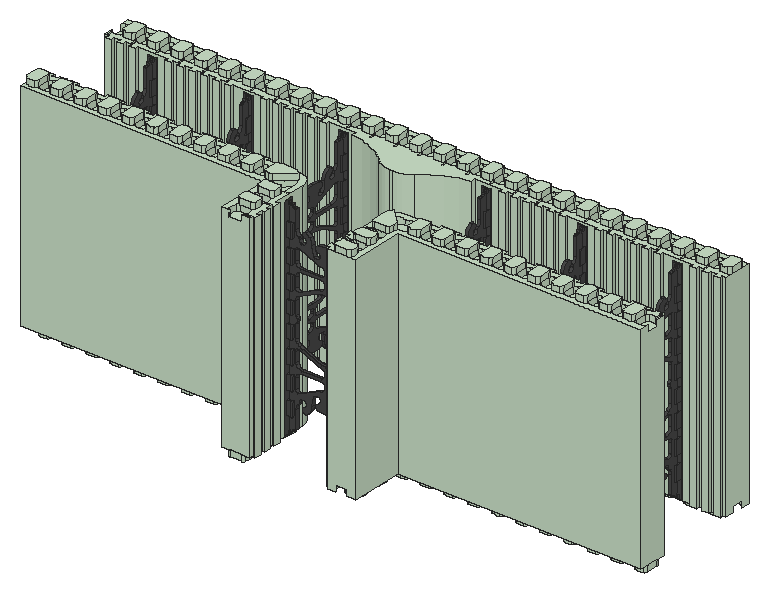
Revit family (continued)
Definition of nested family "NUDURA Logo Diamond"
  Lines and regions (mm)
    model lines
      curve 53: arc (291.265, 0, 366.53) -> (289.405, 0, 362.04) -> (291.265, 0, 357.55) r 6.35
      curve 54: arc (318.205, 0, 366.53) -> (320.065, 0, 362.04) -> (318.205, 0, 357.55) r 6.35
      curve 55: arc (309.225, 0, 348.57) -> (304.735, 0, 346.71) -> (300.245, 0, 348.57) r 6.35
      curve 56: arc (300.245, 0, 375.511) -> (304.735, 0, 377.371) -> (309.225, 0, 375.511) r 6.35
      curve 57: arc (320.001, 0, 368.326) -> (322.605, 0, 362.04) -> (320.001, 0, 355.754) r 8.89
      curve 58: line (295.497, 0, 374.355) -> (289.468, 0, 368.326)
      curve 59: arc (295.497, 0, 349.725) -> (298.287, 0, 342.99) -> (295.497, 0, 336.255) r 9.525
      curve 60: arc (313.973, 0, 349.725) -> (311.183, 0, 342.99) -> (313.973, 0, 336.255) r 9.525
      curve 61: line (324.683, 0, 325.545) -> (313.973, 0, 336.255)
      curve 62: line (284.787, 0, 325.545) -> (286.583, 0, 323.749)
      curve 63: arc (300.245, 0, 337.411) -> (304.735, 0, 339.271) -> (309.225, 0, 337.411) r 6.35
      curve 64: line (320.001, 0, 12.854) -> (311.021, 0, 3.874)
      curve 65: line (313.973, 0, 31.455) -> (320.001, 0, 25.426)
      curve 66: line (320.001, 0, 50.954) -> (313.973, 0, 44.925)
      curve 67: line (313.973, 0, 69.555) -> (320.001, 0, 63.526)
      curve 68: line (320.001, 0, 89.054) -> (313.973, 0, 83.025)
      curve 69: line (313.973, 0, 107.655) -> (320.001, 0, 101.626)
      curve 70: line (309.225, 0, 119.97) -> (322.887, 0, 133.632)
      curve 71: line (322.887, 0, 133.632) -> (324.683, 0, 131.836)
      curve 72: line (286.583, 0, 133.632) -> (300.245, 0, 119.97)
      curve 73: line (295.497, 0, 121.125) -> (284.787, 0, 131.836)
      curve 74: line (289.468, 0, 101.626) -> (295.497, 0, 107.655)
      curve 75: line (295.497, 0, 83.025) -> (289.468, 0, 89.054)
      curve 76: line (289.468, 0, 63.526) -> (295.497, 0, 69.555)
      curve 77: line (295.497, 0, 44.925) -> (289.468, 0, 50.954)
      curve 78: line (289.468, 0, 25.426) -> (295.497, 0, 31.455)
      curve 79: line (298.449, 0, 3.874) -> (289.468, 0, 12.854)
      curve 80: line (300.245, 0, 5.67) -> (291.265, 0, 14.65)
      curve 81: line (318.205, 0, 14.65) -> (309.225, 0, 5.67)
      curve 82: line (309.225, 0, 32.611) -> (318.205, 0, 23.63)
      curve 83: line (291.265, 0, 23.63) -> (300.245, 0, 32.611)
      curve 84: arc (289.468, 0, 12.854) -> (286.865, 0, 19.14) -> (289.468, 0, 25.426) r 8.89
      curve 85: arc (298.449, 0, 3.874) -> (304.735, 0, 1.27) -> (311.021, 0, 3.874) r 8.89
      curve 86: arc (291.265, 0, 14.65) -> (289.405, 0, 19.14) -> (291.265, 0, 23.63) r 6.35
      curve 87: arc (318.205, 0, 14.65) -> (320.065, 0, 19.14) -> (318.205, 0, 23.63) r 6.35
      curve 88: arc (309.225, 0, 32.611) -> (304.735, 0, 34.471) -> (300.245, 0, 32.611) r 6.35
      curve 89: arc (300.245, 0, 5.67) -> (304.735, 0, 3.81) -> (309.225, 0, 5.67) r 6.35
      curve 90: arc (320.001, 0, 12.854) -> (322.605, 0, 19.14) -> (320.001, 0, 25.426) r 8.89
      curve 91: arc (295.497, 0, 31.455) -> (298.287, 0, 38.19) -> (295.497, 0, 44.925) r 9.525
      curve 92: arc (313.973, 0, 31.455) -> (311.183, 0, 38.19) -> (313.973, 0, 44.925) r 9.525
      curve 93: line (313.973, 0, 69.555) -> (320.001, 0, 63.526)
      curve 94: line (289.468, 0, 63.526) -> (295.497, 0, 69.555)
      curve 95: line (300.245, 0, 43.77) -> (291.265, 0, 52.75)
      curve 96: line (318.205, 0, 52.75) -> (309.225, 0, 43.77)
      curve 97: line (309.225, 0, 70.711) -> (318.205, 0, 61.73)
      curve 98: line (291.265, 0, 61.73) -> (300.245, 0, 70.711)
      curve 99: arc (289.468, 0, 50.954) -> (286.865, 0, 57.24) -> (289.468, 0, 63.526) r 8.89
      curve 100: arc (291.265, 0, 52.75) -> (289.405, 0, 57.24) -> (291.265, 0, 61.73) r 6.35
      curve 101: arc (318.205, 0, 52.75) -> (320.065, 0, 57.24) -> (318.205, 0, 61.73) r 6.35
      curve 102: arc (309.225, 0, 70.711) -> (304.735, 0, 72.571) -> (300.245, 0, 70.711) r 6.35
      curve 103: arc (300.245, 0, 43.77) -> (304.735, 0, 41.91) -> (309.225, 0, 43.77) r 6.35
      curve 104: arc (320.001, 0, 50.954) -> (322.605, 0, 57.24) -> (320.001, 0, 63.526) r 8.89
      curve 105: line (295.497, 0, 44.925) -> (289.468, 0, 50.954)
      curve 106: line (320.001, 0, 50.954) -> (313.973, 0, 44.925)
      curve 107: arc (295.497, 0, 69.555) -> (298.287, 0, 76.29) -> (295.497, 0, 83.025) r 9.525
      curve 108: arc (313.973, 0, 69.555) -> (311.183, 0, 76.29) -> (313.973, 0, 83.025) r 9.525
      curve 109: line (313.973, 0, 107.655) -> (320.001, 0, 101.626)
      curve 110: line (289.468, 0, 101.626) -> (295.497, 0, 107.655)
      curve 111: line (300.245, 0, 81.87) -> (291.265, 0, 90.85)
      curve 112: line (318.205, 0, 90.85) -> (309.225, 0, 81.87)
      curve 113: line (309.225, 0, 108.811) -> (318.205, 0, 99.83)
      curve 114: line (291.265, 0, 99.83) -> (300.245, 0, 108.811)
      curve 115: arc (289.468, 0, 89.054) -> (286.865, 0, 95.34) -> (289.468, 0, 101.626) r 8.89
      curve 116: arc (291.265, 0, 90.85) -> (289.405, 0, 95.34) -> (291.265, 0, 99.83) r 6.35
      curve 117: arc (318.205, 0, 90.85) -> (320.065, 0, 95.34) -> (318.205, 0, 99.83) r 6.35
      curve 118: arc (309.225, 0, 108.811) -> (304.735, 0, 110.671) -> (300.245, 0, 108.811) r 6.35
      curve 119: arc (300.245, 0, 81.87) -> (304.735, 0, 80.01) -> (309.225, 0, 81.87) r 6.35
      curve 120: arc (320.001, 0, 89.054) -> (322.605, 0, 95.34) -> (320.001, 0, 101.626) r 8.89
      curve 121: line (295.497, 0, 83.025) -> (289.468, 0, 89.054)
      curve 122: arc (295.497, 0, 107.655) -> (298.287, 0, 114.39) -> (295.497, 0, 121.125) r 9.525
      curve 123: arc (313.973, 0, 107.655) -> (311.183, 0, 114.39) -> (313.973, 0, 121.125) r 9.525
      curve 124: line (324.683, 0, 131.836) -> (313.973, 0, 121.125)
      curve 125: line (284.787, 0, 131.836) -> (286.583, 0, 133.632)
      curve 126: arc (300.245, 0, 119.97) -> (304.735, 0, 118.11) -> (309.225, 0, 119.97) r 6.35
      curve 127: line (314.26, 0, 317.59) -> (295.21, 0, 317.59)
      curve 128: line (323.785, 0, 149.315) -> (323.785, 0, 308.065)
      curve 129: line (285.685, 0, 308.065) -> (285.685, 0, 149.315)
      curve 130: line (295.21, 0, 139.79) -> (314.26, 0, 139.79)
      curve 131: line (316.797, 0, 304.89) -> (305.798, 0, 311.24)
      curve 132: line (316.797, 0, 292.19) -> (316.797, 0, 304.89)
      curve 133: line (311.298, 0, 289.015) -> (316.797, 0, 292.19)
      curve 134: line (305.373, 0, 292.436) -> (311.298, 0, 289.015)
      curve 135: line (310.447, 0, 295.365) -> (305.373, 0, 292.436)
      curve 136: line (299.874, 0, 307.82) -> (310.447, 0, 301.715)
      curve 137: line (310.447, 0, 301.715) -> (310.447, 0, 295.365)
      curve 138: line (305.798, 0, 311.24) -> (299.874, 0, 307.82)
      curve 139: line (299.023, 0, 295.611) -> (304.097, 0, 298.54)
      curve 140: line (304.097, 0, 298.54) -> (298.172, 0, 301.961)
      curve 141: line (298.172, 0, 301.961) -> (292.673, 0, 298.786)
      curve 142: line (292.673, 0, 298.786) -> (292.673, 0, 286.086)
      curve 143: line (299.023, 0, 289.261) -> (299.023, 0, 295.611)
      curve 144: line (309.596, 0, 283.156) -> (299.023, 0, 289.261)
      curve 145: line (303.671, 0, 279.736) -> (309.596, 0, 283.156)
      curve 146: line (292.673, 0, 286.086) -> (303.671, 0, 279.736)
      curve 147: line (312.702, 0, 269.344) -> (296.768, 0, 272.912)
      curve 148: line (296.768, 0, 272.912) -> (296.768, 0, 267.036)
      curve 149: line (296.768, 0, 267.036) -> (308.089, 0, 264.517)
      curve 150: line (308.089, 0, 264.517) -> (296.768, 0, 260.949)
      curve 151: line (296.768, 0, 260.949) -> (296.768, 0, 251.084)
      curve 152: line (296.768, 0, 251.084) -> (309.138, 0, 248.314)
      curve 153: line (309.138, 0, 248.314) -> (309.138, 0, 247.516)
      curve 154: line (309.138, 0, 247.516) -> (301.281, 0, 248.991)
      curve 155: line (296.768, 0, 245.246) -> (296.768, 0, 237.71)
      curve 156: line (306.598, 0, 222.094) -> (306.598, 0, 228.599)
      curve 157: line (306.598, 0, 228.599) -> (296.768, 0, 230.786)
      curve 158: line (296.768, 0, 230.786) -> (296.768, 0, 215.343)
      curve 159: line (302.723, 0, 230.274) -> (312.702, 0, 228.039)
      curve 160: line (300.341, 0, 217.291) -> (300.341, 0, 223.486)
      curve 161: line (300.341, 0, 223.486) -> (306.598, 0, 222.094)
      curve 162: line (296.768, 0, 205.027) -> (296.768, 0, 197.49)
      curve 163: line (302.723, 0, 190.055) -> (310.162, 0, 188.389)
      curve 164: line (310.162, 0, 188.389) -> (310.162, 0, 176.633)
      curve 165: line (308.892, 0, 175.363) -> (307.868, 0, 175.363)
      curve 166: line (306.598, 0, 176.633) -> (306.598, 0, 180.004)
      curve 167: line (306.598, 0, 180.004) -> (307.868, 0, 179.719)
      curve 168: line (307.868, 0, 179.719) -> (307.868, 0, 186.3)
      curve 169: line (307.868, 0, 186.3) -> (296.768, 0, 188.785)
      curve 170: line (296.768, 0, 188.785) -> (296.768, 0, 182.205)
      curve 171: line (296.768, 0, 182.205) -> (304.058, 0, 180.572)
      curve 172: line (304.058, 0, 180.572) -> (304.058, 0, 177.654)
      curve 173: line (302.788, 0, 176.384) -> (296.768, 0, 176.384)
      curve 174: line (296.768, 0, 176.384) -> (296.768, 0, 164.003)
      curve 175: line (296.768, 0, 164.003) -> (299.284, 0, 162.219)
      curve 176: line (299.284, 0, 162.219) -> (299.284, 0, 153.715)
      curve 177: line (307.942, 0, 156.079) -> (301.824, 0, 160.418)
      curve 178: line (301.824, 0, 160.418) -> (301.824, 0, 154.409)
      curve 179: line (301.824, 0, 154.409) -> (307.942, 0, 156.079)
      curve 180: line (299.284, 0, 153.715) -> (296.768, 0, 153.028)
      curve 181: line (296.768, 0, 153.028) -> (296.768, 0, 146.14)
      curve 182: line (296.768, 0, 146.14) -> (312.702, 0, 150.491)
      curve 183: line (312.702, 0, 150.491) -> (312.702, 0, 159.713)
      curve 184: line (312.702, 0, 159.713) -> (298.767, 0, 169.594)
      curve 185: line (298.767, 0, 169.594) -> (302.342, 0, 169.594)
      curve 186: line (312.702, 0, 172.383) -> (312.702, 0, 193.945)
      curve 187: line (312.702, 0, 193.945) -> (302.326, 0, 196.268)
      curve 188: line (300.341, 0, 198.747) -> (300.341, 0, 201.381)
      curve 189: line (301.888, 0, 202.62) -> (312.702, 0, 200.199)
      curve 190: line (312.702, 0, 200.199) -> (312.702, 0, 206.628)
      curve 191: line (312.702, 0, 206.628) -> (306.843, 0, 207.728)
      curve 192: line (312.702, 0, 212.942) -> (312.702, 0, 227.241)
      curve 193: line (312.702, 0, 227.241) -> (309.138, 0, 228.034)
      curve 194: line (309.138, 0, 228.034) -> (309.138, 0, 217.291)
      curve 195: line (312.702, 0, 228.039) -> (312.702, 0, 234.164)
      curve 196: line (312.702, 0, 234.164) -> (302.326, 0, 236.488)
      curve 197: line (300.341, 0, 238.966) -> (300.341, 0, 241.6)
      curve 198: line (301.736, 0, 242.874) -> (312.702, 0, 240.418)
      curve 199: line (312.702, 0, 240.418) -> (312.702, 0, 253.611)
      curve 200: line (312.702, 0, 253.611) -> (302.429, 0, 255.912)
      curve 201: line (302.429, 0, 255.912) -> (312.702, 0, 259.27)
      curve 202: line (312.702, 0, 259.27) -> (312.702, 0, 269.344)
      curve 203: arc (296.768, 0, 245.246) -> (298.145, 0, 248.178) -> (301.281, 0, 248.991) r 3.81
      curve 204: arc (296.768, 0, 237.71) -> (298.44, 0, 232.946) -> (302.723, 0, 230.274) r 7.62
      curve 205: arc (300.842, 0, 208.826) -> (297.87, 0, 211.5) -> (296.768, 0, 215.343) r 7.251
      curve 206: arc (296.768, 0, 205.027) -> (297.979, 0, 207.812) -> (300.842, 0, 208.826) r 3.808
      curve 207: arc (296.768, 0, 197.49) -> (298.44, 0, 192.727) -> (302.723, 0, 190.055) r 7.62
      curve 208: arc (300.341, 0, 198.747) -> (300.898, 0, 197.159) -> (302.326, 0, 196.268) r 2.54
      curve 209: arc (300.341, 0, 201.381) -> (300.817, 0, 202.372) -> (301.888, 0, 202.62) r 1.27
      curve 210: arc (307.868, 0, 175.363) -> (306.969, 0, 175.735) -> (306.598, 0, 176.633) r 1.27
      curve 211: arc (308.892, 0, 175.363) -> (309.79, 0, 175.735) -> (310.162, 0, 176.633) r 1.27
      curve 212: arc (304.058, 0, 177.654) -> (303.686, 0, 176.756) -> (302.788, 0, 176.384) r 1.27
      curve 213: arc (302.342, 0, 169.594) -> (303.976, 0, 170.198) -> (304.826, 0, 171.718) r 2.516
      curve 214: arc (304.826, 0, 171.718) -> (309.07, 0, 168.432) -> (312.702, 0, 172.383) r 3.966
      curve 215: arc (306.843, 0, 207.728) -> (310.942, 0, 209.02) -> (312.702, 0, 212.942) r 5.249
      curve 216: arc (300.341, 0, 217.291) -> (304.739, 0, 212.893) -> (309.138, 0, 217.291) r 4.398
      curve 217: arc (300.341, 0, 238.966) -> (300.898, 0, 237.378) -> (302.326, 0, 236.488) r 2.54
      curve 218: arc (300.341, 0, 241.6) -> (300.886, 0, 242.648) -> (302.057, 0, 242.802) r 1.279
      curve 219: arc (285.685, 0, 308.065) -> (288.475, 0, 314.8) -> (295.21, 0, 317.59) r 9.525
      curve 220: arc (314.26, 0, 317.59) -> (320.995, 0, 314.8) -> (323.785, 0, 308.065) r 9.525
      curve 221: arc (285.685, 0, 149.315) -> (288.475, 0, 142.58) -> (295.21, 0, 139.79) r 9.525
      curve 222: arc (314.26, 0, 139.79) -> (320.995, 0, 142.58) -> (323.785, 0, 149.315) r 9.525
      curve 223: line (253.935, 0, 457.2) -> (253.935, 0, 0)
      curve 224: line (355.535, 0, 457.2) -> (355.535, 0, 0)
      curve 225: line (406.335, 0, 457.2) -> (406.335, 0, 0)
Definition of nested family "NUDURA Diamond Pattern"
  Reference planes
    plane 1 "Center (Front/Back)": y = 0
    plane 2: z = 0
    plane 3 "Center (Left/Right)": x = 0
    plane 4: z = 457.2
  Lines and regions (mm)
    model lines
      curve 1: line (203.2, -142.875, 457.2) -> (203.2, -142.875, 0)
      curve 2: line (152.4, -142.875, 457.2) -> (152.4, -142.875, 0)
      curve 3: line (50.8, -142.875, 457.2) -> (50.8, -142.875, 0)
      curve 4: line (85.183, -142.875, 431.415) -> (93.906, -142.875, 422.692)
      curve 5: arc (85.183, -142.875, 444.885) -> (82.394, -142.875, 438.15) -> (85.183, -142.875, 431.415) r 9.525
      curve 6: line (94.708, -142.875, 454.41) -> (85.183, -142.875, 444.885)
      curve 7: arc (108.179, -142.875, 454.41) -> (101.444, -142.875, 457.2) -> (94.708, -142.875, 454.41) r 9.525
      curve 8: line (117.704, -142.875, 444.885) -> (108.179, -142.875, 454.41)
      curve 9: arc (117.704, -142.875, 431.415) -> (120.494, -142.875, 438.15) -> (117.704, -142.875, 444.885) r 9.525
      curve 10: line (108.981, -142.875, 422.692) -> (117.704, -142.875, 431.415)
      curve 11: arc (105.934, -142.875, 452.165) -> (101.444, -142.875, 454.025) -> (96.953, -142.875, 452.165) r 6.35
      curve 12: line (115.459, -142.875, 442.64) -> (105.934, -142.875, 452.165)
      curve 13: arc (115.459, -142.875, 433.66) -> (117.319, -142.875, 438.15) -> (115.459, -142.875, 442.64) r 6.35
      curve 14: line (105.934, -142.875, 424.135) -> (115.459, -142.875, 433.66)
      curve 15: arc (96.953, -142.875, 424.135) -> (101.444, -142.875, 422.275) -> (105.934, -142.875, 424.135) r 6.35
      curve 16: line (87.428, -142.875, 433.66) -> (96.953, -142.875, 424.135)
      curve 17: arc (87.428, -142.875, 442.64) -> (85.569, -142.875, 438.15) -> (87.428, -142.875, 433.66) r 6.35
      curve 18: line (96.953, -142.875, 452.165) -> (87.428, -142.875, 442.64)
      curve 19: arc (93.906, -142.875, 415.508) -> (95.394, -142.875, 419.1) -> (93.906, -142.875, 422.692) r 5.08
      curve 20: line (117.704, -142.875, 406.785) -> (108.981, -142.875, 415.508)
      curve 21: arc (117.704, -142.875, 393.315) -> (120.494, -142.875, 400.05) -> (117.704, -142.875, 406.785) r 9.525
      curve 22: line (108.981, -142.875, 384.592) -> (117.704, -142.875, 393.315)
      curve 23: line (85.183, -142.875, 393.315) -> (93.906, -142.875, 384.592)
      curve 24: arc (85.183, -142.875, 406.785) -> (82.394, -142.875, 400.05) -> (85.183, -142.875, 393.315) r 9.525
      curve 25: line (93.906, -142.875, 415.508) -> (85.183, -142.875, 406.785)
      curve 26: arc (105.934, -142.875, 414.065) -> (101.444, -142.875, 415.925) -> (96.953, -142.875, 414.065) r 6.35
      curve 27: line (96.953, -142.875, 414.065) -> (87.428, -142.875, 404.54)
      curve 28: arc (87.428, -142.875, 404.54) -> (85.569, -142.875, 400.05) -> (87.428, -142.875, 395.56) r 6.35
      curve 29: line (87.428, -142.875, 395.56) -> (96.953, -142.875, 386.035)
      curve 30: arc (96.953, -142.875, 386.035) -> (101.444, -142.875, 384.175) -> (105.934, -142.875, 386.035) r 6.35
      curve 31: line (105.934, -142.875, 386.035) -> (115.459, -142.875, 395.56)
      curve 32: arc (115.459, -142.875, 395.56) -> (117.319, -142.875, 400.05) -> (115.459, -142.875, 404.54) r 6.35
      curve 33: line (115.459, -142.875, 404.54) -> (105.934, -142.875, 414.065)
      curve 34: arc (93.906, -142.875, 377.408) -> (95.394, -142.875, 381) -> (93.906, -142.875, 384.592) r 5.08
      curve 35: line (117.704, -142.875, 368.685) -> (108.981, -142.875, 377.408)
      curve 36: arc (117.704, -142.875, 355.215) -> (120.494, -142.875, 361.95) -> (117.704, -142.875, 368.685) r 9.525
      curve 37: line (108.981, -142.875, 346.492) -> (117.704, -142.875, 355.215)
      curve 38: line (85.183, -142.875, 355.215) -> (93.906, -142.875, 346.492)
      curve 39: arc (85.183, -142.875, 368.685) -> (82.394, -142.875, 361.95) -> (85.183, -142.875, 355.215) r 9.525
      curve 40: line (93.906, -142.875, 377.408) -> (85.183, -142.875, 368.685)
      curve 41: arc (105.934, -142.875, 375.965) -> (101.444, -142.875, 377.825) -> (96.953, -142.875, 375.965) r 6.35
      curve 42: line (96.953, -142.875, 375.965) -> (87.428, -142.875, 366.44)
      curve 43: arc (87.428, -142.875, 366.44) -> (85.569, -142.875, 361.95) -> (87.428, -142.875, 357.46) r 6.35
      curve 44: line (87.428, -142.875, 357.46) -> (96.953, -142.875, 347.935)
      curve 45: arc (96.953, -142.875, 347.935) -> (101.444, -142.875, 346.075) -> (105.934, -142.875, 347.935) r 6.35
      curve 46: line (105.934, -142.875, 347.935) -> (115.459, -142.875, 357.46)
      curve 47: arc (115.459, -142.875, 357.46) -> (117.319, -142.875, 361.95) -> (115.459, -142.875, 366.44) r 6.35
      curve 48: line (115.459, -142.875, 366.44) -> (105.934, -142.875, 375.965)
      curve 49: arc (93.906, -142.875, 339.308) -> (95.394, -142.875, 342.9) -> (93.906, -142.875, 346.492) r 5.08
      curve 50: line (117.704, -142.875, 330.585) -> (108.981, -142.875, 339.308)
      curve 51: arc (117.704, -142.875, 317.115) -> (120.494, -142.875, 323.85) -> (117.704, -142.875, 330.585) r 9.525
      curve 52: line (108.981, -142.875, 308.392) -> (117.704, -142.875, 317.115)
      curve 53: line (85.183, -142.875, 317.115) -> (93.906, -142.875, 308.392)
      curve 54: arc (85.183, -142.875, 330.585) -> (82.394, -142.875, 323.85) -> (85.183, -142.875, 317.115) r 9.525
      curve 55: line (93.906, -142.875, 339.308) -> (85.183, -142.875, 330.585)
      curve 56: arc (105.934, -142.875, 337.865) -> (101.444, -142.875, 339.725) -> (96.953, -142.875, 337.865) r 6.35
      curve 57: line (96.953, -142.875, 337.865) -> (87.428, -142.875, 328.34)
      curve 58: arc (87.428, -142.875, 328.34) -> (85.569, -142.875, 323.85) -> (87.428, -142.875, 319.36) r 6.35
      curve 59: line (87.428, -142.875, 319.36) -> (96.953, -142.875, 309.835)
      curve 60: arc (96.953, -142.875, 309.835) -> (101.444, -142.875, 307.975) -> (105.934, -142.875, 309.835) r 6.35
      curve 61: line (105.934, -142.875, 309.835) -> (115.459, -142.875, 319.36)
      curve 62: arc (115.459, -142.875, 319.36) -> (117.319, -142.875, 323.85) -> (115.459, -142.875, 328.34) r 6.35
      curve 63: line (115.459, -142.875, 328.34) -> (105.934, -142.875, 337.865)
      curve 64: arc (93.906, -142.875, 301.208) -> (95.394, -142.875, 304.8) -> (93.906, -142.875, 308.392) r 5.08
      curve 65: line (117.704, -142.875, 292.485) -> (108.981, -142.875, 301.208)
      curve 66: arc (117.704, -142.875, 279.015) -> (120.494, -142.875, 285.75) -> (117.704, -142.875, 292.485) r 9.525
      curve 67: line (108.981, -142.875, 270.292) -> (117.704, -142.875, 279.015)
      curve 68: line (85.183, -142.875, 279.015) -> (93.906, -142.875, 270.292)
      curve 69: arc (85.183, -142.875, 292.485) -> (82.394, -142.875, 285.75) -> (85.183, -142.875, 279.015) r 9.525
      curve 70: line (93.906, -142.875, 301.208) -> (85.183, -142.875, 292.485)
      curve 71: arc (105.934, -142.875, 299.765) -> (101.444, -142.875, 301.625) -> (96.953, -142.875, 299.765) r 6.35
      curve 72: line (96.953, -142.875, 299.765) -> (87.428, -142.875, 290.24)
      curve 73: arc (87.428, -142.875, 290.24) -> (85.569, -142.875, 285.75) -> (87.428, -142.875, 281.26) r 6.35
      curve 74: line (87.428, -142.875, 281.26) -> (96.953, -142.875, 271.735)
      curve 75: arc (96.953, -142.875, 271.735) -> (101.444, -142.875, 269.875) -> (105.934, -142.875, 271.735) r 6.35
      curve 76: line (105.934, -142.875, 271.735) -> (115.459, -142.875, 281.26)
      curve 77: arc (115.459, -142.875, 281.26) -> (117.319, -142.875, 285.75) -> (115.459, -142.875, 290.24) r 6.35
      curve 78: line (115.459, -142.875, 290.24) -> (105.934, -142.875, 299.765)
      curve 79: arc (93.906, -142.875, 263.108) -> (95.394, -142.875, 266.7) -> (93.906, -142.875, 270.292) r 5.08
      curve 80: line (117.704, -142.875, 254.385) -> (108.981, -142.875, 263.108)
      curve 81: arc (117.704, -142.875, 240.915) -> (120.494, -142.875, 247.65) -> (117.704, -142.875, 254.385) r 9.525
      curve 82: line (108.981, -142.875, 232.192) -> (117.704, -142.875, 240.915)
      curve 83: line (85.183, -142.875, 240.915) -> (93.906, -142.875, 232.192)
      curve 84: arc (85.183, -142.875, 254.385) -> (82.394, -142.875, 247.65) -> (85.183, -142.875, 240.915) r 9.525
      curve 85: line (93.906, -142.875, 263.108) -> (85.183, -142.875, 254.385)
      curve 86: arc (105.934, -142.875, 261.665) -> (101.444, -142.875, 263.525) -> (96.953, -142.875, 261.665) r 6.35
      curve 87: line (96.953, -142.875, 261.665) -> (87.428, -142.875, 252.14)
      curve 88: arc (87.428, -142.875, 252.14) -> (85.569, -142.875, 247.65) -> (87.428, -142.875, 243.16) r 6.35
      curve 89: line (87.428, -142.875, 243.16) -> (96.953, -142.875, 233.635)
      curve 90: arc (96.953, -142.875, 233.635) -> (101.444, -142.875, 231.775) -> (105.934, -142.875, 233.635) r 6.35
      curve 91: line (105.934, -142.875, 233.635) -> (115.459, -142.875, 243.16)
      curve 92: arc (115.459, -142.875, 243.16) -> (117.319, -142.875, 247.65) -> (115.459, -142.875, 252.14) r 6.35
      curve 93: line (115.459, -142.875, 252.14) -> (105.934, -142.875, 261.665)
      curve 94: arc (93.906, -142.875, 225.008) -> (95.394, -142.875, 228.6) -> (93.906, -142.875, 232.192) r 5.08
      curve 95: line (117.704, -142.875, 216.285) -> (108.981, -142.875, 225.008)
      curve 96: arc (117.704, -142.875, 202.815) -> (120.494, -142.875, 209.55) -> (117.704, -142.875, 216.285) r 9.525
      curve 97: line (108.981, -142.875, 194.092) -> (117.704, -142.875, 202.815)
      curve 98: line (85.183, -142.875, 202.815) -> (93.906, -142.875, 194.092)
      curve 99: arc (85.183, -142.875, 216.285) -> (82.394, -142.875, 209.55) -> (85.183, -142.875, 202.815) r 9.525
      curve 100: line (93.906, -142.875, 225.008) -> (85.183, -142.875, 216.285)
      curve 101: arc (105.934, -142.875, 223.565) -> (101.444, -142.875, 225.425) -> (96.953, -142.875, 223.565) r 6.35
      curve 102: line (96.953, -142.875, 223.565) -> (87.428, -142.875, 214.04)
      curve 103: arc (87.428, -142.875, 214.04) -> (85.569, -142.875, 209.55) -> (87.428, -142.875, 205.06) r 6.35
      curve 104: line (87.428, -142.875, 205.06) -> (96.953, -142.875, 195.535)
      curve 105: arc (96.953, -142.875, 195.535) -> (101.444, -142.875, 193.675) -> (105.934, -142.875, 195.535) r 6.35
      curve 106: line (105.934, -142.875, 195.535) -> (115.459, -142.875, 205.06)
      curve 107: arc (115.459, -142.875, 205.06) -> (117.319, -142.875, 209.55) -> (115.459, -142.875, 214.04) r 6.35
      curve 108: line (115.459, -142.875, 214.04) -> (105.934, -142.875, 223.565)
      curve 109: arc (93.906, -142.875, 186.908) -> (95.394, -142.875, 190.5) -> (93.906, -142.875, 194.092) r 5.08
      curve 110: line (117.704, -142.875, 178.185) -> (108.981, -142.875, 186.908)
      curve 111: arc (117.704, -142.875, 164.715) -> (120.494, -142.875, 171.45) -> (117.704, -142.875, 178.185) r 9.525
      curve 112: line (108.981, -142.875, 155.992) -> (117.704, -142.875, 164.715)
      curve 113: line (85.183, -142.875, 164.715) -> (93.906, -142.875, 155.992)
      curve 114: arc (85.183, -142.875, 178.185) -> (82.394, -142.875, 171.45) -> (85.183, -142.875, 164.715) r 9.525
      curve 115: line (93.906, -142.875, 186.908) -> (85.183, -142.875, 178.185)
      curve 116: arc (105.934, -142.875, 185.465) -> (101.444, -142.875, 187.325) -> (96.953, -142.875, 185.465) r 6.35
      curve 117: line (96.953, -142.875, 185.465) -> (87.428, -142.875, 175.94)
      curve 118: arc (87.428, -142.875, 175.94) -> (85.569, -142.875, 171.45) -> (87.428, -142.875, 166.96) r 6.35
      curve 119: line (87.428, -142.875, 166.96) -> (96.953, -142.875, 157.435)
      curve 120: arc (96.953, -142.875, 157.435) -> (101.444, -142.875, 155.575) -> (105.934, -142.875, 157.435) r 6.35
      curve 121: line (105.934, -142.875, 157.435) -> (115.459, -142.875, 166.96)
      curve 122: arc (115.459, -142.875, 166.96) -> (117.319, -142.875, 171.45) -> (115.459, -142.875, 175.94) r 6.35
      curve 123: line (115.459, -142.875, 175.94) -> (105.934, -142.875, 185.465)
      curve 124: arc (93.906, -142.875, 148.808) -> (95.394, -142.875, 152.4) -> (93.906, -142.875, 155.992) r 5.08
      curve 125: line (117.704, -142.875, 140.085) -> (108.981, -142.875, 148.808)
      curve 126: arc (117.704, -142.875, 126.615) -> (120.494, -142.875, 133.35) -> (117.704, -142.875, 140.085) r 9.525
      curve 127: line (108.981, -142.875, 117.892) -> (117.704, -142.875, 126.615)
      curve 128: line (85.183, -142.875, 126.615) -> (93.906, -142.875, 117.892)
      curve 129: arc (85.183, -142.875, 140.085) -> (82.394, -142.875, 133.35) -> (85.183, -142.875, 126.615) r 9.525
      curve 130: line (93.906, -142.875, 148.808) -> (85.183, -142.875, 140.085)
      curve 131: arc (105.934, -142.875, 147.365) -> (101.444, -142.875, 149.225) -> (96.953, -142.875, 147.365) r 6.35
      curve 132: line (96.953, -142.875, 147.365) -> (87.428, -142.875, 137.84)
      curve 133: arc (87.428, -142.875, 137.84) -> (85.569, -142.875, 133.35) -> (87.428, -142.875, 128.86) r 6.35
      curve 134: line (87.428, -142.875, 128.86) -> (96.953, -142.875, 119.335)
      curve 135: arc (96.953, -142.875, 119.335) -> (101.444, -142.875, 117.475) -> (105.934, -142.875, 119.335) r 6.35
      curve 136: line (105.934, -142.875, 119.335) -> (115.459, -142.875, 128.86)
      curve 137: arc (115.459, -142.875, 128.86) -> (117.319, -142.875, 133.35) -> (115.459, -142.875, 137.84) r 6.35
      curve 138: line (115.459, -142.875, 137.84) -> (105.934, -142.875, 147.365)
      curve 139: arc (93.906, -142.875, 110.708) -> (95.394, -142.875, 114.3) -> (93.906, -142.875, 117.892) r 5.08
      curve 140: line (117.704, -142.875, 101.985) -> (108.981, -142.875, 110.708)
      curve 141: arc (117.704, -142.875, 88.515) -> (120.494, -142.875, 95.25) -> (117.704, -142.875, 101.985) r 9.525
      curve 142: line (108.981, -142.875, 79.792) -> (117.704, -142.875, 88.515)
      curve 143: line (85.183, -142.875, 88.515) -> (93.906, -142.875, 79.792)
      curve 144: arc (85.183, -142.875, 101.985) -> (82.394, -142.875, 95.25) -> (85.183, -142.875, 88.515) r 9.525
      curve 145: line (93.906, -142.875, 110.708) -> (85.183, -142.875, 101.985)
      curve 146: arc (105.934, -142.875, 109.265) -> (101.444, -142.875, 111.125) -> (96.953, -142.875, 109.265) r 6.35
      curve 147: line (96.953, -142.875, 109.265) -> (87.428, -142.875, 99.74)
      curve 148: arc (87.428, -142.875, 99.74) -> (85.569, -142.875, 95.25) -> (87.428, -142.875, 90.76) r 6.35
      curve 149: line (87.428, -142.875, 90.76) -> (96.953, -142.875, 81.235)
      curve 150: arc (96.953, -142.875, 81.235) -> (101.444, -142.875, 79.375) -> (105.934, -142.875, 81.235) r 6.35
      curve 151: line (105.934, -142.875, 81.235) -> (115.459, -142.875, 90.76)
      curve 152: arc (115.459, -142.875, 90.76) -> (117.319, -142.875, 95.25) -> (115.459, -142.875, 99.74) r 6.35
      curve 153: line (115.459, -142.875, 99.74) -> (105.934, -142.875, 109.265)
      curve 154: arc (93.906, -142.875, 72.608) -> (95.394, -142.875, 76.2) -> (93.906, -142.875, 79.792) r 5.08
      curve 155: line (117.704, -142.875, 63.885) -> (108.981, -142.875, 72.608)
      curve 156: arc (117.704, -142.875, 50.415) -> (120.494, -142.875, 57.15) -> (117.704, -142.875, 63.885) r 9.525
      curve 157: line (108.981, -142.875, 41.692) -> (117.704, -142.875, 50.415)
      curve 158: line (85.183, -142.875, 50.415) -> (93.906, -142.875, 41.692)
      curve 159: arc (85.183, -142.875, 63.885) -> (82.394, -142.875, 57.15) -> (85.183, -142.875, 50.415) r 9.525
      curve 160: line (93.906, -142.875, 72.608) -> (85.183, -142.875, 63.885)
      curve 161: arc (105.934, -142.875, 71.165) -> (101.444, -142.875, 73.025) -> (96.953, -142.875, 71.165) r 6.35
      curve 162: line (96.953, -142.875, 71.165) -> (87.428, -142.875, 61.64)
      curve 163: arc (87.428, -142.875, 61.64) -> (85.569, -142.875, 57.15) -> (87.428, -142.875, 52.66) r 6.35
      curve 164: line (87.428, -142.875, 52.66) -> (96.953, -142.875, 43.135)
      curve 165: arc (96.953, -142.875, 43.135) -> (101.444, -142.875, 41.275) -> (105.934, -142.875, 43.135) r 6.35
      curve 166: line (105.934, -142.875, 43.135) -> (115.459, -142.875, 52.66)
      curve 167: arc (115.459, -142.875, 52.66) -> (117.319, -142.875, 57.15) -> (115.459, -142.875, 61.64) r 6.35
      curve 168: line (115.459, -142.875, 61.64) -> (105.934, -142.875, 71.165)
      curve 169: arc (93.906, -142.875, 34.508) -> (95.394, -142.875, 38.1) -> (93.906, -142.875, 41.692) r 5.08
      curve 170: line (93.906, -142.875, 34.508) -> (85.183, -142.875, 25.785)
      curve 171: arc (85.183, -142.875, 25.785) -> (82.394, -142.875, 19.05) -> (85.183, -142.875, 12.315) r 9.525
      curve 172: line (85.183, -142.875, 12.315) -> (94.708, -142.875, 2.79)
      curve 173: arc (94.708, -142.875, 2.79) -> (101.444, -142.875, 0) -> (108.179, -142.875, 2.79) r 9.525
      curve 174: line (108.179, -142.875, 2.79) -> (117.704, -142.875, 12.315)
      curve 175: arc (117.704, -142.875, 12.315) -> (120.494, -142.875, 19.05) -> (117.704, -142.875, 25.785) r 9.525
      curve 176: line (117.704, -142.875, 25.785) -> (108.981, -142.875, 34.508)
      curve 177: arc (108.981, -142.875, 41.692) -> (107.493, -142.875, 38.1) -> (108.981, -142.875, 34.508) r 5.08
      curve 178: arc (105.934, -142.875, 33.065) -> (101.444, -142.875, 34.925) -> (96.953, -142.875, 33.065) r 6.35
      curve 179: line (115.459, -142.875, 23.54) -> (105.934, -142.875, 33.065)
      curve 180: arc (115.459, -142.875, 14.56) -> (117.319, -142.875, 19.05) -> (115.459, -142.875, 23.54) r 6.35
      curve 181: line (105.934, -142.875, 5.035) -> (115.459, -142.875, 14.56)
      curve 182: arc (96.953, -142.875, 5.035) -> (101.444, -142.875, 3.175) -> (105.934, -142.875, 5.035) r 6.35
      curve 183: line (87.428, -142.875, 14.56) -> (96.953, -142.875, 5.035)
      curve 184: arc (87.428, -142.875, 23.54) -> (85.569, -142.875, 19.05) -> (87.428, -142.875, 14.56) r 6.35
      curve 185: line (96.953, -142.875, 33.065) -> (87.428, -142.875, 23.54)
      curve 186: arc (108.981, -142.875, 79.792) -> (107.493, -142.875, 76.2) -> (108.981, -142.875, 72.608) r 5.08
      curve 187: arc (108.981, -142.875, 117.892) -> (107.493, -142.875, 114.3) -> (108.981, -142.875, 110.708) r 5.08
      curve 188: arc (108.981, -142.875, 155.992) -> (107.493, -142.875, 152.4) -> (108.981, -142.875, 148.808) r 5.08
      curve 189: arc (108.981, -142.875, 194.092) -> (107.493, -142.875, 190.5) -> (108.981, -142.875, 186.908) r 5.08
      curve 190: arc (108.981, -142.875, 232.192) -> (107.493, -142.875, 228.6) -> (108.981, -142.875, 225.008) r 5.08
      curve 191: arc (108.981, -142.875, 270.292) -> (107.493, -142.875, 266.7) -> (108.981, -142.875, 263.108) r 5.08
      curve 192: arc (108.981, -142.875, 308.392) -> (107.493, -142.875, 304.8) -> (108.981, -142.875, 301.208) r 5.08
      curve 193: arc (108.981, -142.875, 346.492) -> (107.493, -142.875, 342.9) -> (108.981, -142.875, 339.308) r 5.08
      curve 194: arc (108.981, -142.875, 384.592) -> (107.493, -142.875, 381) -> (108.981, -142.875, 377.408) r 5.08
      curve 195: arc (108.981, -142.875, 422.692) -> (107.493, -142.875, 419.1) -> (108.981, -142.875, 415.508) r 5.08
Definition of nested family "NUDURA Diamond Pattern Missing Left Line"
  Reference planes
    plane 1 "Center (Front/Back)": y = 0
    plane 2: z = 0
    plane 3 "Center (Left/Right)": x = 0
    plane 4: z = 457.2
  Lines and regions (mm)
    model lines
      curve 1: line (203.2, -142.875, 457.2) -> (203.2, -142.875, 0)
      curve 2: line (152.4, -142.875, 457.2) -> (152.4, -142.875, 0)
      curve 3: line (85.183, -142.875, 431.415) -> (93.906, -142.875, 422.692)
      curve 4: arc (85.183, -142.875, 444.885) -> (82.394, -142.875, 438.15) -> (85.183, -142.875, 431.415) r 9.525
      curve 5: line (94.708, -142.875, 454.41) -> (85.183, -142.875, 444.885)
      curve 6: arc (108.179, -142.875, 454.41) -> (101.444, -142.875, 457.2) -> (94.708, -142.875, 454.41) r 9.525
      curve 7: line (117.704, -142.875, 444.885) -> (108.179, -142.875, 454.41)
      curve 8: arc (117.704, -142.875, 431.415) -> (120.494, -142.875, 438.15) -> (117.704, -142.875, 444.885) r 9.525
      curve 9: line (108.981, -142.875, 422.692) -> (117.704, -142.875, 431.415)
      curve 10: arc (105.934, -142.875, 452.165) -> (101.444, -142.875, 454.025) -> (96.953, -142.875, 452.165) r 6.35
      curve 11: line (115.459, -142.875, 442.64) -> (105.934, -142.875, 452.165)
      curve 12: arc (115.459, -142.875, 433.66) -> (117.319, -142.875, 438.15) -> (115.459, -142.875, 442.64) r 6.35
      curve 13: line (105.934, -142.875, 424.135) -> (115.459, -142.875, 433.66)
      curve 14: arc (96.953, -142.875, 424.135) -> (101.444, -142.875, 422.275) -> (105.934, -142.875, 424.135) r 6.35
      curve 15: line (87.428, -142.875, 433.66) -> (96.953, -142.875, 424.135)
      curve 16: arc (87.428, -142.875, 442.64) -> (85.569, -142.875, 438.15) -> (87.428, -142.875, 433.66) r 6.35
      curve 17: line (96.953, -142.875, 452.165) -> (87.428, -142.875, 442.64)
      curve 18: arc (93.906, -142.875, 415.508) -> (95.394, -142.875, 419.1) -> (93.906, -142.875, 422.692) r 5.08
      curve 19: line (117.704, -142.875, 406.785) -> (108.981, -142.875, 415.508)
      curve 20: arc (117.704, -142.875, 393.315) -> (120.494, -142.875, 400.05) -> (117.704, -142.875, 406.785) r 9.525
      curve 21: line (108.981, -142.875, 384.592) -> (117.704, -142.875, 393.315)
      curve 22: line (85.183, -142.875, 393.315) -> (93.906, -142.875, 384.592)
      curve 23: arc (85.183, -142.875, 406.785) -> (82.394, -142.875, 400.05) -> (85.183, -142.875, 393.315) r 9.525
      curve 24: line (93.906, -142.875, 415.508) -> (85.183, -142.875, 406.785)
      curve 25: arc (105.934, -142.875, 414.065) -> (101.444, -142.875, 415.925) -> (96.953, -142.875, 414.065) r 6.35
      curve 26: line (96.953, -142.875, 414.065) -> (87.428, -142.875, 404.54)
      curve 27: arc (87.428, -142.875, 404.54) -> (85.569, -142.875, 400.05) -> (87.428, -142.875, 395.56) r 6.35
      curve 28: line (87.428, -142.875, 395.56) -> (96.953, -142.875, 386.035)
      curve 29: arc (96.953, -142.875, 386.035) -> (101.444, -142.875, 384.175) -> (105.934, -142.875, 386.035) r 6.35
      curve 30: line (105.934, -142.875, 386.035) -> (115.459, -142.875, 395.56)
      curve 31: arc (115.459, -142.875, 395.56) -> (117.319, -142.875, 400.05) -> (115.459, -142.875, 404.54) r 6.35
      curve 32: line (115.459, -142.875, 404.54) -> (105.934, -142.875, 414.065)
      curve 33: arc (93.906, -142.875, 377.408) -> (95.394, -142.875, 381) -> (93.906, -142.875, 384.592) r 5.08
      curve 34: line (117.704, -142.875, 368.685) -> (108.981, -142.875, 377.408)
      curve 35: arc (117.704, -142.875, 355.215) -> (120.494, -142.875, 361.95) -> (117.704, -142.875, 368.685) r 9.525
      curve 36: line (108.981, -142.875, 346.492) -> (117.704, -142.875, 355.215)
      curve 37: line (85.183, -142.875, 355.215) -> (93.906, -142.875, 346.492)
      curve 38: arc (85.183, -142.875, 368.685) -> (82.394, -142.875, 361.95) -> (85.183, -142.875, 355.215) r 9.525
      curve 39: line (93.906, -142.875, 377.408) -> (85.183, -142.875, 368.685)
      curve 40: arc (105.934, -142.875, 375.965) -> (101.444, -142.875, 377.825) -> (96.953, -142.875, 375.965) r 6.35
      curve 41: line (96.953, -142.875, 375.965) -> (87.428, -142.875, 366.44)
      curve 42: arc (87.428, -142.875, 366.44) -> (85.569, -142.875, 361.95) -> (87.428, -142.875, 357.46) r 6.35
      curve 43: line (87.428, -142.875, 357.46) -> (96.953, -142.875, 347.935)
      curve 44: arc (96.953, -142.875, 347.935) -> (101.444, -142.875, 346.075) -> (105.934, -142.875, 347.935) r 6.35
      curve 45: line (105.934, -142.875, 347.935) -> (115.459, -142.875, 357.46)
      curve 46: arc (115.459, -142.875, 357.46) -> (117.319, -142.875, 361.95) -> (115.459, -142.875, 366.44) r 6.35
      curve 47: line (115.459, -142.875, 366.44) -> (105.934, -142.875, 375.965)
      curve 48: arc (93.906, -142.875, 339.308) -> (95.394, -142.875, 342.9) -> (93.906, -142.875, 346.492) r 5.08
      curve 49: line (117.704, -142.875, 330.585) -> (108.981, -142.875, 339.308)
      curve 50: arc (117.704, -142.875, 317.115) -> (120.494, -142.875, 323.85) -> (117.704, -142.875, 330.585) r 9.525
      curve 51: line (108.981, -142.875, 308.392) -> (117.704, -142.875, 317.115)
      curve 52: line (85.183, -142.875, 317.115) -> (93.906, -142.875, 308.392)
      curve 53: arc (85.183, -142.875, 330.585) -> (82.394, -142.875, 323.85) -> (85.183, -142.875, 317.115) r 9.525
      curve 54: line (93.906, -142.875, 339.308) -> (85.183, -142.875, 330.585)
      curve 55: arc (105.934, -142.875, 337.865) -> (101.444, -142.875, 339.725) -> (96.953, -142.875, 337.865) r 6.35
      curve 56: line (96.953, -142.875, 337.865) -> (87.428, -142.875, 328.34)
      curve 57: arc (87.428, -142.875, 328.34) -> (85.569, -142.875, 323.85) -> (87.428, -142.875, 319.36) r 6.35
      curve 58: line (87.428, -142.875, 319.36) -> (96.953, -142.875, 309.835)
      curve 59: arc (96.953, -142.875, 309.835) -> (101.444, -142.875, 307.975) -> (105.934, -142.875, 309.835) r 6.35
      curve 60: line (105.934, -142.875, 309.835) -> (115.459, -142.875, 319.36)
      curve 61: arc (115.459, -142.875, 319.36) -> (117.319, -142.875, 323.85) -> (115.459, -142.875, 328.34) r 6.35
      curve 62: line (115.459, -142.875, 328.34) -> (105.934, -142.875, 337.865)
      curve 63: arc (93.906, -142.875, 301.208) -> (95.394, -142.875, 304.8) -> (93.906, -142.875, 308.392) r 5.08
      curve 64: line (117.704, -142.875, 292.485) -> (108.981, -142.875, 301.208)
      curve 65: arc (117.704, -142.875, 279.015) -> (120.494, -142.875, 285.75) -> (117.704, -142.875, 292.485) r 9.525
      curve 66: line (108.981, -142.875, 270.292) -> (117.704, -142.875, 279.015)
      curve 67: line (85.183, -142.875, 279.015) -> (93.906, -142.875, 270.292)
      curve 68: arc (85.183, -142.875, 292.485) -> (82.394, -142.875, 285.75) -> (85.183, -142.875, 279.015) r 9.525
      curve 69: line (93.906, -142.875, 301.208) -> (85.183, -142.875, 292.485)
      curve 70: arc (105.934, -142.875, 299.765) -> (101.444, -142.875, 301.625) -> (96.953, -142.875, 299.765) r 6.35
      curve 71: line (96.953, -142.875, 299.765) -> (87.428, -142.875, 290.24)
      curve 72: arc (87.428, -142.875, 290.24) -> (85.569, -142.875, 285.75) -> (87.428, -142.875, 281.26) r 6.35
      curve 73: line (87.428, -142.875, 281.26) -> (96.953, -142.875, 271.735)
      curve 74: arc (96.953, -142.875, 271.735) -> (101.444, -142.875, 269.875) -> (105.934, -142.875, 271.735) r 6.35
      curve 75: line (105.934, -142.875, 271.735) -> (115.459, -142.875, 281.26)
      curve 76: arc (115.459, -142.875, 281.26) -> (117.319, -142.875, 285.75) -> (115.459, -142.875, 290.24) r 6.35
      curve 77: line (115.459, -142.875, 290.24) -> (105.934, -142.875, 299.765)
      curve 78: arc (93.906, -142.875, 263.108) -> (95.394, -142.875, 266.7) -> (93.906, -142.875, 270.292) r 5.08
      curve 79: line (117.704, -142.875, 254.385) -> (108.981, -142.875, 263.108)
      curve 80: arc (117.704, -142.875, 240.915) -> (120.494, -142.875, 247.65) -> (117.704, -142.875, 254.385) r 9.525
      curve 81: line (108.981, -142.875, 232.192) -> (117.704, -142.875, 240.915)
      curve 82: line (85.183, -142.875, 240.915) -> (93.906, -142.875, 232.192)
      curve 83: arc (85.183, -142.875, 254.385) -> (82.394, -142.875, 247.65) -> (85.183, -142.875, 240.915) r 9.525
      curve 84: line (93.906, -142.875, 263.108) -> (85.183, -142.875, 254.385)
      curve 85: arc (105.934, -142.875, 261.665) -> (101.444, -142.875, 263.525) -> (96.953, -142.875, 261.665) r 6.35
      curve 86: line (96.953, -142.875, 261.665) -> (87.428, -142.875, 252.14)
      curve 87: arc (87.428, -142.875, 252.14) -> (85.569, -142.875, 247.65) -> (87.428, -142.875, 243.16) r 6.35
      curve 88: line (87.428, -142.875, 243.16) -> (96.953, -142.875, 233.635)
      curve 89: arc (96.953, -142.875, 233.635) -> (101.444, -142.875, 231.775) -> (105.934, -142.875, 233.635) r 6.35
      curve 90: line (105.934, -142.875, 233.635) -> (115.459, -142.875, 243.16)
      curve 91: arc (115.459, -142.875, 243.16) -> (117.319, -142.875, 247.65) -> (115.459, -142.875, 252.14) r 6.35
      curve 92: line (115.459, -142.875, 252.14) -> (105.934, -142.875, 261.665)
      curve 93: arc (93.906, -142.875, 225.008) -> (95.394, -142.875, 228.6) -> (93.906, -142.875, 232.192) r 5.08
      curve 94: line (117.704, -142.875, 216.285) -> (108.981, -142.875, 225.008)
      curve 95: arc (117.704, -142.875, 202.815) -> (120.494, -142.875, 209.55) -> (117.704, -142.875, 216.285) r 9.525
      curve 96: line (108.981, -142.875, 194.092) -> (117.704, -142.875, 202.815)
      curve 97: line (85.183, -142.875, 202.815) -> (93.906, -142.875, 194.092)
      curve 98: arc (85.183, -142.875, 216.285) -> (82.394, -142.875, 209.55) -> (85.183, -142.875, 202.815) r 9.525
      curve 99: line (93.906, -142.875, 225.008) -> (85.183, -142.875, 216.285)
      curve 100: arc (105.934, -142.875, 223.565) -> (101.444, -142.875, 225.425) -> (96.953, -142.875, 223.565) r 6.35
      curve 101: line (96.953, -142.875, 223.565) -> (87.428, -142.875, 214.04)
      curve 102: arc (87.428, -142.875, 214.04) -> (85.569, -142.875, 209.55) -> (87.428, -142.875, 205.06) r 6.35
      curve 103: line (87.428, -142.875, 205.06) -> (96.953, -142.875, 195.535)
      curve 104: arc (96.953, -142.875, 195.535) -> (101.444, -142.875, 193.675) -> (105.934, -142.875, 195.535) r 6.35
      curve 105: line (105.934, -142.875, 195.535) -> (115.459, -142.875, 205.06)
      curve 106: arc (115.459, -142.875, 205.06) -> (117.319, -142.875, 209.55) -> (115.459, -142.875, 214.04) r 6.35
      curve 107: line (115.459, -142.875, 214.04) -> (105.934, -142.875, 223.565)
      curve 108: arc (93.906, -142.875, 186.908) -> (95.394, -142.875, 190.5) -> (93.906, -142.875, 194.092) r 5.08
      curve 109: line (117.704, -142.875, 178.185) -> (108.981, -142.875, 186.908)
      curve 110: arc (117.704, -142.875, 164.715) -> (120.494, -142.875, 171.45) -> (117.704, -142.875, 178.185) r 9.525
      curve 111: line (108.981, -142.875, 155.992) -> (117.704, -142.875, 164.715)
      curve 112: line (85.183, -142.875, 164.715) -> (93.906, -142.875, 155.992)
      curve 113: arc (85.183, -142.875, 178.185) -> (82.394, -142.875, 171.45) -> (85.183, -142.875, 164.715) r 9.525
      curve 114: line (93.906, -142.875, 186.908) -> (85.183, -142.875, 178.185)
      curve 115: arc (105.934, -142.875, 185.465) -> (101.444, -142.875, 187.325) -> (96.953, -142.875, 185.465) r 6.35
      curve 116: line (96.953, -142.875, 185.465) -> (87.428, -142.875, 175.94)
      curve 117: arc (87.428, -142.875, 175.94) -> (85.569, -142.875, 171.45) -> (87.428, -142.875, 166.96) r 6.35
      curve 118: line (87.428, -142.875, 166.96) -> (96.953, -142.875, 157.435)
      curve 119: arc (96.953, -142.875, 157.435) -> (101.444, -142.875, 155.575) -> (105.934, -142.875, 157.435) r 6.35
      curve 120: line (105.934, -142.875, 157.435) -> (115.459, -142.875, 166.96)
      curve 121: arc (115.459, -142.875, 166.96) -> (117.319, -142.875, 171.45) -> (115.459, -142.875, 175.94) r 6.35
      curve 122: line (115.459, -142.875, 175.94) -> (105.934, -142.875, 185.465)
      curve 123: arc (93.906, -142.875, 148.808) -> (95.394, -142.875, 152.4) -> (93.906, -142.875, 155.992) r 5.08
      curve 124: line (117.704, -142.875, 140.085) -> (108.981, -142.875, 148.808)
      curve 125: arc (117.704, -142.875, 126.615) -> (120.494, -142.875, 133.35) -> (117.704, -142.875, 140.085) r 9.525
      curve 126: line (108.981, -142.875, 117.892) -> (117.704, -142.875, 126.615)
      curve 127: line (85.183, -142.875, 126.615) -> (93.906, -142.875, 117.892)
      curve 128: arc (85.183, -142.875, 140.085) -> (82.394, -142.875, 133.35) -> (85.183, -142.875, 126.615) r 9.525
      curve 129: line (93.906, -142.875, 148.808) -> (85.183, -142.875, 140.085)
      curve 130: arc (105.934, -142.875, 147.365) -> (101.444, -142.875, 149.225) -> (96.953, -142.875, 147.365) r 6.35
      curve 131: line (96.953, -142.875, 147.365) -> (87.428, -142.875, 137.84)
      curve 132: arc (87.428, -142.875, 137.84) -> (85.569, -142.875, 133.35) -> (87.428, -142.875, 128.86) r 6.35
      curve 133: line (87.428, -142.875, 128.86) -> (96.953, -142.875, 119.335)
      curve 134: arc (96.953, -142.875, 119.335) -> (101.444, -142.875, 117.475) -> (105.934, -142.875, 119.335) r 6.35
      curve 135: line (105.934, -142.875, 119.335) -> (115.459, -142.875, 128.86)
      curve 136: arc (115.459, -142.875, 128.86) -> (117.319, -142.875, 133.35) -> (115.459, -142.875, 137.84) r 6.35
      curve 137: line (115.459, -142.875, 137.84) -> (105.934, -142.875, 147.365)
      curve 138: arc (93.906, -142.875, 110.708) -> (95.394, -142.875, 114.3) -> (93.906, -142.875, 117.892) r 5.08
      curve 139: line (117.704, -142.875, 101.985) -> (108.981, -142.875, 110.708)
      curve 140: arc (117.704, -142.875, 88.515) -> (120.494, -142.875, 95.25) -> (117.704, -142.875, 101.985) r 9.525
      curve 141: line (108.981, -142.875, 79.792) -> (117.704, -142.875, 88.515)
      curve 142: line (85.183, -142.875, 88.515) -> (93.906, -142.875, 79.792)
      curve 143: arc (85.183, -142.875, 101.985) -> (82.394, -142.875, 95.25) -> (85.183, -142.875, 88.515) r 9.525
      curve 144: line (93.906, -142.875, 110.708) -> (85.183, -142.875, 101.985)
      curve 145: arc (105.934, -142.875, 109.265) -> (101.444, -142.875, 111.125) -> (96.953, -142.875, 109.265) r 6.35
      curve 146: line (96.953, -142.875, 109.265) -> (87.428, -142.875, 99.74)
      curve 147: arc (87.428, -142.875, 99.74) -> (85.569, -142.875, 95.25) -> (87.428, -142.875, 90.76) r 6.35
      curve 148: line (87.428, -142.875, 90.76) -> (96.953, -142.875, 81.235)
      curve 149: arc (96.953, -142.875, 81.235) -> (101.444, -142.875, 79.375) -> (105.934, -142.875, 81.235) r 6.35
      curve 150: line (105.934, -142.875, 81.235) -> (115.459, -142.875, 90.76)
      curve 151: arc (115.459, -142.875, 90.76) -> (117.319, -142.875, 95.25) -> (115.459, -142.875, 99.74) r 6.35
      curve 152: line (115.459, -142.875, 99.74) -> (105.934, -142.875, 109.265)
      curve 153: arc (93.906, -142.875, 72.608) -> (95.394, -142.875, 76.2) -> (93.906, -142.875, 79.792) r 5.08
      curve 154: line (117.704, -142.875, 63.885) -> (108.981, -142.875, 72.608)
      curve 155: arc (117.704, -142.875, 50.415) -> (120.494, -142.875, 57.15) -> (117.704, -142.875, 63.885) r 9.525
      curve 156: line (108.981, -142.875, 41.692) -> (117.704, -142.875, 50.415)
      curve 157: line (85.183, -142.875, 50.415) -> (93.906, -142.875, 41.692)
      curve 158: arc (85.183, -142.875, 63.885) -> (82.394, -142.875, 57.15) -> (85.183, -142.875, 50.415) r 9.525
      curve 159: line (93.906, -142.875, 72.608) -> (85.183, -142.875, 63.885)
      curve 160: arc (105.934, -142.875, 71.165) -> (101.444, -142.875, 73.025) -> (96.953, -142.875, 71.165) r 6.35
      curve 161: line (96.953, -142.875, 71.165) -> (87.428, -142.875, 61.64)
      curve 162: arc (87.428, -142.875, 61.64) -> (85.569, -142.875, 57.15) -> (87.428, -142.875, 52.66) r 6.35
      curve 163: line (87.428, -142.875, 52.66) -> (96.953, -142.875, 43.135)
      curve 164: arc (96.953, -142.875, 43.135) -> (101.444, -142.875, 41.275) -> (105.934, -142.875, 43.135) r 6.35
      curve 165: line (105.934, -142.875, 43.135) -> (115.459, -142.875, 52.66)
      curve 166: arc (115.459, -142.875, 52.66) -> (117.319, -142.875, 57.15) -> (115.459, -142.875, 61.64) r 6.35
      curve 167: line (115.459, -142.875, 61.64) -> (105.934, -142.875, 71.165)
      curve 168: arc (93.906, -142.875, 34.508) -> (95.394, -142.875, 38.1) -> (93.906, -142.875, 41.692) r 5.08
      curve 169: line (93.906, -142.875, 34.508) -> (85.183, -142.875, 25.785)
      curve 170: arc (85.183, -142.875, 25.785) -> (82.394, -142.875, 19.05) -> (85.183, -142.875, 12.315) r 9.525
      curve 171: line (85.183, -142.875, 12.315) -> (94.708, -142.875, 2.79)
      curve 172: arc (94.708, -142.875, 2.79) -> (101.444, -142.875, 0) -> (108.179, -142.875, 2.79) r 9.525
      curve 173: line (108.179, -142.875, 2.79) -> (117.704, -142.875, 12.315)
      curve 174: arc (117.704, -142.875, 12.315) -> (120.494, -142.875, 19.05) -> (117.704, -142.875, 25.785) r 9.525
      curve 175: line (117.704, -142.875, 25.785) -> (108.981, -142.875, 34.508)
      curve 176: arc (108.981, -142.875, 41.692) -> (107.493, -142.875, 38.1) -> (108.981, -142.875, 34.508) r 5.08
      curve 177: arc (105.934, -142.875, 33.065) -> (101.444, -142.875, 34.925) -> (96.953, -142.875, 33.065) r 6.35
      curve 178: line (115.459, -142.875, 23.54) -> (105.934, -142.875, 33.065)
      curve 179: arc (115.459, -142.875, 14.56) -> (117.319, -142.875, 19.05) -> (115.459, -142.875, 23.54) r 6.35
      curve 180: line (105.934, -142.875, 5.035) -> (115.459, -142.875, 14.56)
      curve 181: arc (96.953, -142.875, 5.035) -> (101.444, -142.875, 3.175) -> (105.934, -142.875, 5.035) r 6.35
      curve 182: line (87.428, -142.875, 14.56) -> (96.953, -142.875, 5.035)
      curve 183: arc (87.428, -142.875, 23.54) -> (85.569, -142.875, 19.05) -> (87.428, -142.875, 14.56) r 6.35
      curve 184: line (96.953, -142.875, 33.065) -> (87.428, -142.875, 23.54)
      curve 185: arc (108.981, -142.875, 79.792) -> (107.493, -142.875, 76.2) -> (108.981, -142.875, 72.608) r 5.08
      curve 186: arc (108.981, -142.875, 117.892) -> (107.493, -142.875, 114.3) -> (108.981, -142.875, 110.708) r 5.08
      curve 187: arc (108.981, -142.875, 155.992) -> (107.493, -142.875, 152.4) -> (108.981, -142.875, 148.808) r 5.08
      curve 188: arc (108.981, -142.875, 194.092) -> (107.493, -142.875, 190.5) -> (108.981, -142.875, 186.908) r 5.08
      curve 189: arc (108.981, -142.875, 232.192) -> (107.493, -142.875, 228.6) -> (108.981, -142.875, 225.008) r 5.08
      curve 190: arc (108.981, -142.875, 270.292) -> (107.493, -142.875, 266.7) -> (108.981, -142.875, 263.108) r 5.08
      curve 191: arc (108.981, -142.875, 308.392) -> (107.493, -142.875, 304.8) -> (108.981, -142.875, 301.208) r 5.08
      curve 192: arc (108.981, -142.875, 346.492) -> (107.493, -142.875, 342.9) -> (108.981, -142.875, 339.308) r 5.08
      curve 193: arc (108.981, -142.875, 384.592) -> (107.493, -142.875, 381) -> (108.981, -142.875, 377.408) r 5.08
      curve 194: arc (108.981, -142.875, 422.692) -> (107.493, -142.875, 419.1) -> (108.981, -142.875, 415.508) r 5.08
